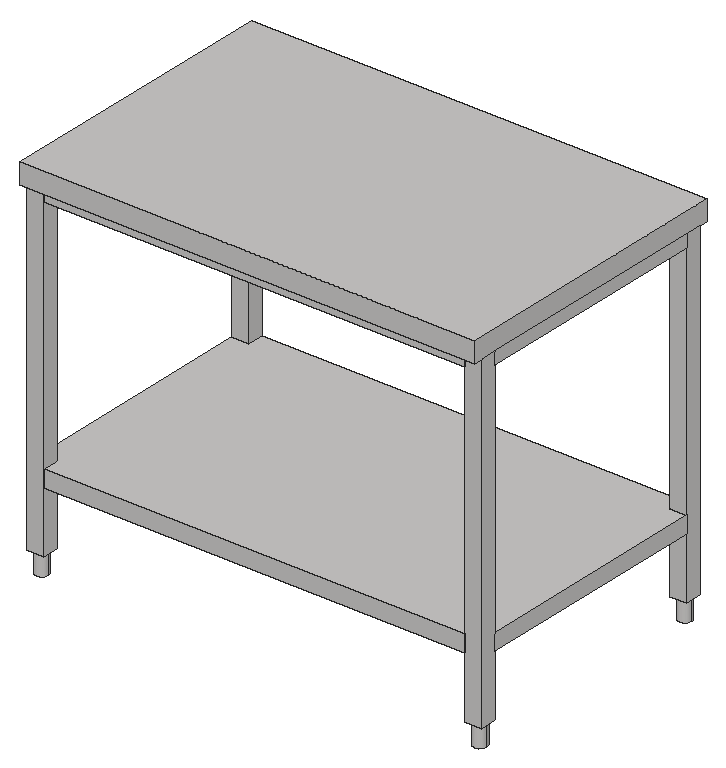
Revit family "QF_ELECTROLUXPROFESSIONAL_134083_LSGTG1100E", category Attrezzature speciali, Revit 2020
Family settings
  Quota connettore circolare = Usa diametro
  Tipo di parte = Normale
  Basato su piano di lavoro = No
  Sempre verticale = Sì
  Taglio con vuoti quando caricato = No
  Condiviso = No
  Punto di calcolo locali = No
Parameters (values of type "Standard")
  Weight = 38.50 kg
  Watts = 0 W
  Volts = 0 V
  URL Manufacturer = "https://www.electroluxprofessional.com/"
  URL = "https://www.electroluxprofessional.com/"
  Steam Supply Size = 0 mm
  Steam Supply Minimum Pressure = 0.0 Pa
  Steam Supply Maximum Pressure = 0.0 Pa
  Steam Consumption per Hour = 0
  Refrigeration Suction Line Size = 0.0 mm
  Refrigeration Liquid Line Size = 0.0 mm
  Refrigerant Compressor Remote = yes
  Prospetto di default = 0.0 mm
  Produttore = "Electrolux Professional"
  Phase = 0
  Modello = "LSGTG1100E"
  Length Actual = 1100.0 mm  # constant formula
  Item Number = "134083"
  Hot Water Size = 0 mm
  Height Actual = 900.0 mm  # constant formula
  HP = "0 HP"
  Gas Size = 0 mm
  Gas KW = 0
  Gas Input Pressure = 0 W
  Direct Waste Size = 0 mm
  Descrizione = "WORK TABLE 1100 MM WITH LOWER SHELF"
  Depth Actual = 700.0 mm  # constant formula
  Cycle = 0 Hz
  Condensate Return Size = 0 mm
  Compressed Air Volume = 0.0 L/s
  Compressed Air Size = 0 mm
  Compressed Air Pressure = 0.0 Pa
  Cold Water Size = 0 mm
  Accessory = yes
Reference planes
  plane 1 "Center (Front/Back)": y = 0
  plane 2: z = 0
  plane 3 "Center (Left/Right)": x = -50
  plane 4 "LEFT": x = -600
  plane 5 "RIGHT": x = 500
  plane 6 "BACK": y = 350
  plane 7 "FRONT": y = -350
  plane 8 "Base": z = 850
  plane 9 "TOP": z = 900
  plane 10: x = -580
  plane 11: x = 480
  plane 12: y = 310
  plane 13: y = -310
  plane 14 "TRAVERSI": z = 820
  plane 15: x = -560
  plane 16: x = 460
  plane 17: y = 290
  plane 18: y = -290
  plane 19: y = 330
  plane 20: y = -330
  plane 21 "Plane": z = 200
Forms (mm)
  Extrusion 1, solid, material "QF_Finishes_Stainless Steel"
    sketch origin (-50, 0, 0) x (0, 1, 0) y (0, 0, 1)
      loop
        line (-350, 850) -> (350, 850) -> (350, 900) -> (-350, 900) -> (-350, 850)
    from 550 to -550
  Extrusion 2, solid, material "QF_Finishes_Stainless Steel"
    sketch origin (0, 0, 820) x (0, 1, 0) y (-1, 0, 0)
      loop
        line (290, -460) -> (-290, -460) -> (-290, -500) -> (290, -500) -> (290, -460)
      loop
        line (290, 600) -> (-290, 600) -> (-290, 560) -> (290, 560) -> (290, 600)
    from 0 to 30
  Extrusion 3, solid, material "QF_Finishes_Stainless Steel"
    sketch origin (0, 0, 820) x (0, 1, 0) y (-1, 0, 0)
      loop
        line (330, -460) -> (330, 560) -> (290, 560) -> (290, -460) -> (330, -460)
      loop
        line (-290, 560) -> (-330, 560) -> (-330, -460) -> (-290, -460) -> (-290, 560)
    from 0 to 30
  Extrusion 4, solid, material "QF_Finishes_Stainless Steel"
    sketch origin (0, 0, 200) x (0, 1, 0) y (-1, 0, 0)
      loop
        line (290, 600) -> (-290, 600) -> (-290, 560) -> (-330, 560) -> (-330, -460) -> (-290, -460) -> (-290, -500) -> (290, -500) -> (290, -460) -> (330, -460) -> (330, 560) -> (290, 560) -> (290, 600)
    from 0 to 40
Lines and regions (mm)
  symbolic lines
    curve 1: line (500, 350, 900) -> (-600, 350, 900)
    curve 2: line (-600, 350, 900) -> (-600, -350, 900)
    curve 3: line (-600, -350, 900) -> (500, -350, 900)
    curve 4: line (500, -350, 900) -> (500, 350, 900)
Dimensions and locks
  plane 4 "LEFT" to plane 5 "RIGHT" = 1100.0 mm
  equal spacing: plane 4 "LEFT", plane 3 "Center (Left/Right)", plane 5 "RIGHT"
  locked: plane 8 "Base" to level at 850
  plane 4 "LEFT" to plane 10 = 20.0 mm
  plane 11 to plane 5 "RIGHT" = 20.0 mm
  plane 10 to plane 11 = 1060.0 mm
  locked: plane 9 "TOP" to level at 900
  plane 6 "BACK" to plane 12 = 40.0 mm
  plane 13 to plane 7 "FRONT" = 40.0 mm
  plane 6 "BACK" to plane 7 "FRONT" = 700.0 mm
  plane 12 to plane 13 = 620.0 mm
  equal spacing: plane 6 "BACK", plane 1 "Center (Front/Back)", plane 7 "FRONT"
  plane 8 "Base" to plane 14 "TRAVERSI" = 30.0 mm
  locked: plane 10 to plane 15 at 20
  locked: plane 16 to plane 11 at 20
  locked: plane 19 to plane 12 at 20
  locked: plane 12 to plane 17 at 20
  locked: plane 18 to plane 13 at 20
  locked: plane 13 to plane 20 at 20
  plane 21 "Plane" to level = 200.0 mm
  aligned and locked: level to plane 2
  aligned and locked: plane 10 to nested 1
  aligned and locked: nested 1 to plane 13
  aligned and locked: plane 11 to nested 2
  aligned and locked: nested 2 to plane 13
  aligned and locked: plane 11 to nested 4
  aligned and locked: nested 4 to plane 12
  aligned and locked: plane 10 to nested 3
  aligned and locked: nested 3 to plane 12
  aligned and locked: Extrusion 1 to plane 4 "LEFT"
  aligned and locked: plane 5 "RIGHT" to Extrusion 1
  aligned and locked: curve 2 to plane 4 "LEFT"
  aligned and locked: Extrusion 2 sketch curve to plane 5 "RIGHT"
  aligned and locked: Extrusion 2 sketch curve to plane 17  (x2)
  aligned and locked: plane 16 to Extrusion 2 sketch curve
  aligned and locked: plane 18 to Extrusion 2 sketch curve  (x2)
  aligned and locked: plane 4 "LEFT" to Extrusion 2 sketch curve
  aligned and locked: Extrusion 2 sketch curve to plane 15
  aligned and locked: plane 19 to Extrusion 3 sketch curve
  aligned and locked: Extrusion 3 sketch curve to plane 17
  aligned and locked: Extrusion 3 sketch curve to plane 18
  aligned and locked: plane 20 to Extrusion 3 sketch curve
  aligned and locked: Extrusion 3 sketch curve to plane 15
  aligned and locked: plane 15 to Extrusion 3 sketch curve
  aligned and locked: plane 16 to Extrusion 3 sketch curve
  aligned and locked: Extrusion 3 sketch curve to plane 16
  aligned and locked: Extrusion 4 sketch curve to plane 19
  aligned and locked: Extrusion 4 sketch curve to plane 5 "RIGHT"
  aligned and locked: Extrusion 4 sketch curve to plane 20
  aligned and locked: plane 4 "LEFT" to Extrusion 4 sketch curve
  aligned and locked: Extrusion 4 sketch curve to plane 17  (x2)
  aligned and locked: plane 15 to Extrusion 4 sketch curve
  aligned and locked: Extrusion 4 sketch curve to plane 16
  aligned and locked: Extrusion 4 sketch curve to plane 18  (x2)
  aligned and locked: plane 16 to Extrusion 4 sketch curve
  aligned and locked: Extrusion 4 sketch curve to plane 15
Automatic sketch dimensions
  Extrusion 1 sketch curve to plane 7 "FRONT" = 0.0 mm
  Extrusion 1 sketch curve to plane 8 "Base" = 0.0 mm
  curve 3 to plane 7 "FRONT" = 0.0 mm
  curve 4 to plane 6 "BACK" = 0.0 mm
  Extrusion 1 sketch curve to plane 9 "TOP" = 0.0 mm
  Extrusion 1 sketch curve to plane 6 "BACK" = 0.0 mm
  curve 4 to plane 5 "RIGHT" = 0.0 mm
Nested families
  nested 1: "FEET_40x40_P50" at (-580, -310, 0), type "FEET_40x40_P50"
  nested 2: "FEET_40x40_P50" at (480, -310, 0), type "FEET_40x40_P50"
  nested 3: "FEET_40x40_P50" at (-580, 310, 0), type "FEET_40x40_P50"
  nested 4: "FEET_40x40_P50" at (480, 310, 0), type "FEET_40x40_P50"
Definition of nested family "FEET_40x40_P50"
  Parameters
    Default Elevation = 0.0 mm
    FEET = 850.0 mm
  Reference planes
    plane 1 "Center (Front/Back)": y = 0
    plane 2: z = 0
    plane 3 "Center (Left/Right)": x = 0
    plane 4: z = 850
  Forms (mm)
    Extrusion 1, solid
      sketch origin (0, 0, 0) x (1, 0, 0) y (0, 1, 0)
        loop
          line (-20, -20) -> (20, -20) -> (20, 20) -> (-20, 20) -> (-20, -20)
      from 50 to 850
    Extrusion 2, solid
      sketch origin (0, 0, 0) x (1, 0, 0) y (0, 1, 0)
        loop
          circle (0, 0) r 16
      from 0 to 50
  Lines and regions (mm)
    symbolic lines
      curve 1: line (0, -1.503, 0) -> (0, 1.508, 0)
      curve 2: line (1.561, 0, 0) -> (-1.439, 0, 0)
  Dimensions and locks
    "FEET": plane 4 to plane 2
    aligned and locked: level to plane 2
  Automatic sketch dimensions
    Extrusion 1 sketch curve to plane 3 "Center (Left/Right)" = 20.0 mm
    plane 3 "Center (Left/Right)" to Extrusion 1 sketch curve = 20.0 mm
    plane 1 "Center (Front/Back)" to Extrusion 1 sketch curve = 20.0 mm
    Extrusion 1 sketch curve to plane 1 "Center (Front/Back)" = 20.0 mm
    plane 1 "Center (Front/Back)" to Extrusion 2 sketch curve = 0.0 mm
    Extrusion 2 sketch curve to plane 3 "Center (Left/Right)" = 0.0 mm
    plane 1 "Center (Front/Back)" to curve 2 = 0.0 mm
    curve 1 to plane 3 "Center (Left/Right)" = 0.0 mm
    curve 2 to plane 3 "Center (Left/Right)" = 1.439 mm
    plane 3 "Center (Left/Right)" to curve 2 = 1.561 mm
    plane 1 "Center (Front/Back)" to curve 1 = 1.503 mm
    curve 1 to plane 1 "Center (Front/Back)" = 1.508 mm
    radius of Extrusion 2 sketch curve = 16.0 mm
